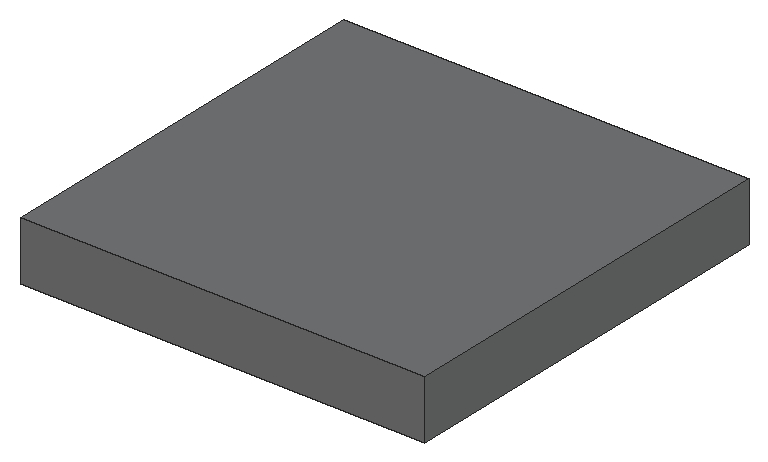
Revit family "Gira_536727", category Electrical Fixtures, host Face, Revit 2017
Family settings
  Host = Face
  Maintain Annotation Orientation = No
  Round Connector Dimension = Use Diameter
  Part Type = Normal
  Cut with Voids When Loaded = No
  Shared = No
  Room Calculation Point = No
Parameters (values of type "S3000 Jal.- + Schaltuhr BT System 55 Reinweiß m")
  Werkstoffgüte = "sonstige"
  Werkstoff = "sonstige"
  URL = "http://katalog.gira.de/de_DE/datenblatt.html?artikelnr=536727"
  Transparent = "No"
  Region = "DE"
  RAL-Nummer (ähnlich) = "9010 "
  Oberfläche = "sonstige"
  Name = "S3000 Jal.- + Schaltuhr BT System 55 Reinweiß m"
  Mit LED-Anzeige = "No"
  Mit Abdeckung = "Yes"
  Manufacturer URL = "https://www.gira.de/"
  Keynote = "Sys55_Abdeckung_Schalten und Tasten"
  HeinzeBIM = "https://bimportal.heinze.de/bim/s3000-jal-schaltuhr-bt-system-55-reinweiss-m/fecbbb16f16e22fccc23b2810ed1aac97e96c64a"
  Halogenfrei = "Yes"
  HAN = "536727"
  Geeignet für Schalteinsatz = "Yes"
  Geeignet für Jalousieeinsatz = "Yes"
  Geeignet für Dimmeinsatz = "No"
  GTIN = "4010337027539"
  Farbe = "weiß"
  Default Elevation = 1219.2 mm
  Data sheet (1) = "https://katalog.gira.de/de_DE/download.html?artikelnr=536727"
  Category = "Bedienelement intelligent"
  Available = "Yes"
  Ausführung der Oberfläche = "matt"
  Anzahl der Tasten = "2 "
  Anzahl der Betätigungspunkte = "4 "
  Anwendung = "Steuern elektrischer Verbraucher"
  Anthrazit [instance] = Anthrazit
Reference planes
  plane 1 "Center (Front/Back)": y = 0
  plane 2: z = 0
  plane 3 "Center (Left/Right)": x = 0
Forms (mm)
  Extrusion 1, solid, material "Anthrazit" <- "Anthrazit", detail levels fine
    sketch origin (0, 0, 0) x (1, 0, 0) y (0, 1, 0)
      loop
        line (-27.5, 27.5) -> (-27.5, -27.5) -> (27.5, -27.5) -> (27.5, 27.5) -> (-27.5, 27.5)
    from 0 to 8
  Extrusion 2, void
    sketch origin (0, 0, 0) x (1, 0, 0) y (0, 1, 0)
      loop
        line (26, 26) -> (-26, 26) -> (-26, -26) -> (26, -26) -> (26, 26)
    from 0 to 6
  Extrusion 3, solid, material "Anthrazit" <- "Anthrazit", detail levels medium
    sketch origin (0, 0, 0) x (1, 0, 0) y (0, 1, 0)
      loop
        line (-27.5, 27.5) -> (-27.5, -27.5) -> (27.5, -27.5) -> (27.5, 27.5) -> (-27.5, 27.5)
    from 0 to 8
  Extrusion 4, solid, material "Anthrazit" <- "Anthrazit", detail levels medium
    sketch origin (0, 0, 0) x (1, 0, 0) y (0, 1, 0)
      loop
        line (11, -17.5) -> (11, 17.5) -> (-11, 17.5) -> (-11, -17.5) -> (11, -17.5)
    from -6 to 6
  Extrusion 5, solid, material "Anthrazit" <- "Anthrazit", detail levels fine
    sketch origin (0, 0, 0) x (1, 0, 0) y (0, 1, 0)
      loop
        line (11, 17.5) -> (-11, 17.5) -> (-11, 16.5) -> (11, 16.5) -> (11, 17.5)
      loop
        line (-11, -16.5) -> (-11, -17.5) -> (11, -17.5) -> (11, -16.5) -> (-11, -16.5)
    from -4 to 6
  Extrusion 6, solid, material "Anthrazit" <- "Anthrazit", detail levels fine
    sketch origin (0, 0, 0) x (1, 0, 0) y (0, 1, 0)
      loop
        arc (5, 9.347) -> (0, 10.6) -> (-5, 9.347) r 10.6
        line (-5, 9.347) -> (-5, -9.347)
        arc (-5, -9.347) -> (0, -10.6) -> (5, -9.347) r 10.6
        line (5, -9.347) -> (5, 9.347)
    from -6 to 6
  Extrusion 7, solid, material "Anthrazit" <- "Anthrazit", detail levels coarse
    sketch origin (0, 0, 0) x (1, 0, 0) y (0, 1, 0)
      loop
        line (-27.5, 27.5) -> (-27.5, -27.5) -> (27.5, -27.5) -> (27.5, 27.5) -> (-27.5, 27.5)
    from -6 to 8
Cuts and joins
  Extrusion 2 cuts Extrusion 1
Dimensions and locks
  aligned and locked: plane 2 to host face
  aligned and locked: level to host face
